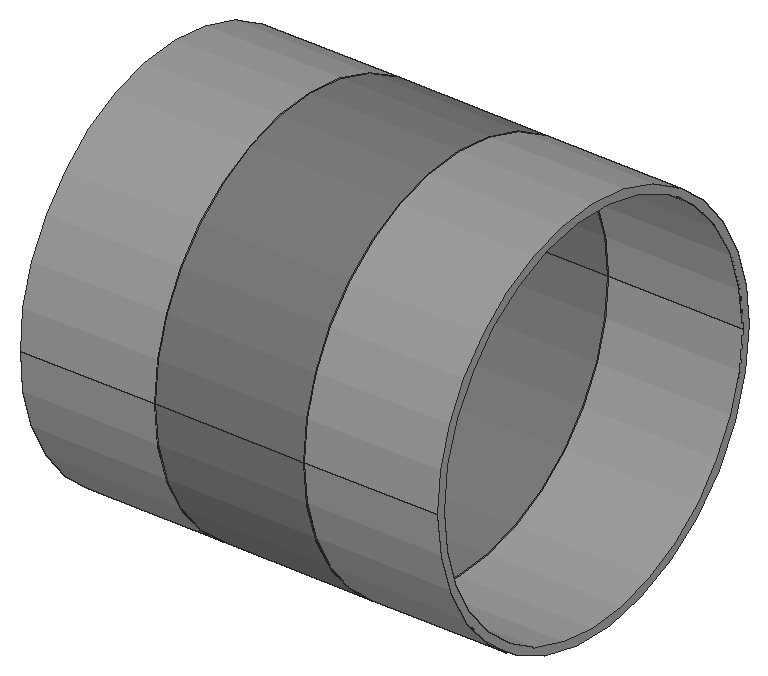
Revit family "Вставка гибкая G круглая", category Арматура воздуховодов, Revit 2019
Family settings
  Размер круглого соединителя = Использовать диаметр
  Тип детали = Вставляется
  На основе рабочей плоскости = Нет
  Всегда вертикально = Да
  При загрузке вырезать с полостями = Нет
  Общий = Нет
Parameters (values of type "Вставка гибкая G-125")
  Материал = RAL 0000 Серый металл
  d+5 = d + 5 mm  # 130 mm
  d = 125 mm
  ADSK_Примечание = "https://progress-nw.ru/ventilyatory/vstavka-gibkaja/vstavka-kruglaja/"  # constant formula
  ADSK_Позиция = ""
  ADSK_Наименование = "Вставка гибкая круглая"  # constant formula
  ADSK_Масса = 0
  ADSK_Марка = "G-125"
  ADSK_Код изделия = ""
  ADSK_Завод-изготовитель = "Naveka"  # constant formula
  ADSK_Единица измерения = "шт."
Types (7, lengths in mm): name | d+5 | d | ADSK_Марка
  (no name) | 130 | 125 | "G-125"
  Вставка гибкая G-250 | 255 | 250 | "G-250"
  Вставка гибкая G-100 | 105 | 100 | "G-100"
  Вставка гибкая G-125 | 130 | 125 | "G-125"
  Вставка гибкая G-160 | 165 | 160 | "G-160"
  Вставка гибкая G-200 | 205 | 200 | "G-200"
  Вставка гибкая G-315 | 320 | 315 | "G-315"
Reference planes
  plane 1 "По центру (Вперед/Назад)": y = 0
  plane 2: z = 0
  plane 3 "По центру (Влево/Вправо)": x = 0
  plane 4: x = 69.974
  plane 5: x = 24.974
  plane 6: x = -24.974
  plane 7: x = -69.974
Forms (mm)
  Extrusion 1, solid, material "Гибкая вставка"
    sketch origin (0, 0, 0) x (0, 1, 0) y (0, 0, 1)
      loop
        circle (0, 0) r 62.5
      loop
        circle (0, 0) r 65
    from -24.974 to 24.974
  Extrusion 2, solid, material "RAL 0000 Серый металл" <- "Материал"
    sketch origin (0, 0, 0) x (0, 1, 0) y (0, 0, 1)
      loop
        circle (0, 0) r 62.5
      loop
        circle (0, 0) r 65
    from -69.974 to -24.974
  Extrusion 3, solid, material "RAL 0000 Серый металл" <- "Материал"
    sketch origin (0, 0, 0) x (0, 1, 0) y (0, 0, 1)
      loop
        circle (0, 0) r 62.5
      loop
        circle (0, 0) r 65
    from 24.974 to 69.974
Dimensions and locks
  plane 5 to plane 4 = 45 mm
  plane 7 to plane 6 = 45 mm
  locked: plane 6 to plane 5 at 50
  plane 7 to plane 4 = 139.948 mm
  equal spacing: plane 6, plane 3 "По центру (Влево/Вправо)", plane 5
  "d": diameter of Extrusion 1 sketch curve
  "d+5": diameter of Extrusion 1 sketch curve
  "d": diameter of Extrusion 2 sketch curve
  "d+5": diameter of Extrusion 2 sketch curve
  "d": diameter of Extrusion 3 sketch curve
  "d+5": diameter of Extrusion 3 sketch curve
  aligned and locked: level to plane 2
  aligned and locked: plane 5 to Extrusion 3
  aligned and locked: Extrusion 1 to plane 5
  aligned and locked: Extrusion 2 to plane 6
  aligned and locked: plane 6 to Extrusion 1
  aligned and locked: plane 7 to Extrusion 2
  aligned and locked: Extrusion 3 to plane 4
Automatic sketch dimensions
  Extrusion 1 sketch curve to Extrusion 1 sketch curve = 0 mm  (x2)
  Extrusion 1 sketch curve to level = 0 mm
  Extrusion 1 sketch curve to plane 1 "По центру (Вперед/Назад)" = 0 mm
  Extrusion 2 sketch curve to Extrusion 2 sketch curve = 0 mm  (x2)
  Extrusion 2 sketch curve to level = 0 mm
  Extrusion 2 sketch curve to plane 1 "По центру (Вперед/Назад)" = 0 mm
  Extrusion 3 sketch curve to Extrusion 3 sketch curve = 0 mm  (x2)
  Extrusion 3 sketch curve to level = 0 mm
  Extrusion 3 sketch curve to plane 1 "По центру (Вперед/Назад)" = 0 mm
Connectors
  hvac at (-69.974, 0, 0), driven by "d"
    settings: on Extrusion 2, index 1, duct flow 0.0 L/s, flow factor 0, pres drop 0.0 Pa, loss coef 0, conn angle 0.00°, conn width 304.8 mm, conn height 304.8 mm, conn diameter 125 mm, duct sys type 29, conn prof type 0, flow config 0, flow direction 0, loss method 0, conn ref index 2, conn util no, is conn primary yes, conn desc ""
  hvac at (69.974, 0, 0), driven by "d"
    settings: on Extrusion 3, index 2, duct flow 0.0 L/s, flow factor 0, pres drop 0.0 Pa, loss coef 0, conn angle 0.00°, conn width 304.8 mm, conn height 304.8 mm, conn diameter 125 mm, duct sys type 29, conn prof type 0, flow config 0, flow direction 0, loss method 0, conn ref index 1, conn util no, is conn primary no, conn desc ""
